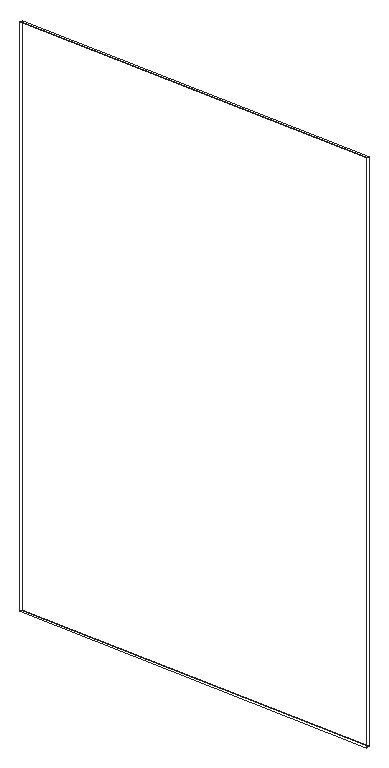
Revit family "Lunar-Single_Glazed_Panels", category Curtain Panels, Revit 2026
Family settings
  Classification Number = 23.25.20.14.11.11.17
  Always vertical = Yes
  Cut with Voids When Loaded = No
  Shared = No
Parameters (values of type "Lunar™ LCD Privacy Smart Glass - Single Glazed 9/16" Panel")
  Youtube clip = ""
  Width [instance] = 4' - 4 1/2"
  Weight Net (Kg) = "0"
  Uniformat II Description = "Partitions"
  Uniformat II Code = "C1010"
  Uniclass 2015 Name = "Framed partition systems"
  Uniclass 2015 Code = "Ss_25_10_30"
  Uniclass 2.0 Description = "Framed Partition Systems"
  Uniclass 2.0 Code = "SS-25-10-30"
  Uniclass 1.4 Description = "Partitions, non-structural internal walls"
  Uniclass 1.4 Code = "L384"
  URL = "https://www.avantisystemsusa.com"
  UNSPSC Code = ""
  Type Comments = ""
  Thickness = 0' - 0 9/16"
  Technical description = ""
  Region South America = "All"
  Region Oceania = "All"
  Region North America = "All"
  Region Middle East = "All"
  Region Europe = "All"
  Region Asia = "All"
  Region Antarctica = "All"
  Region Africa = "All"
  QR code = "http://bimobject.com/avantisystems/product/avanti-lunar-lcd-privacy-smart-glass"
  Product url = "https://www.avantisystemsusa.com/glass-products/partition-systems/lcd-privacy-glass/"
  Product group = "LCD Privacy Smart Glass"
  Product family = "Partition Systems"
  Product data url = "https://bimobject.com/avantisystems/product/avanti-lunar-lcd-privacy-smart-glass"
  Product certification = ""
  Product SKU = "avanti-lunar-lcd-privacy-smart-glass"
  Product Guid = "85a3f31c-26a6-4c7e-983f-18423418bcc4"
  Panel Width [instance] = if(Width > Maximum Width, Maximum Width, Width)  # 4' - 4 1/2"
  Panel Height [instance] = if(Height > Maximum Height, Maximum Height, Height)  # 6' - 8"
  OmniClass Description = "Demountable Partitions"
  OmniClass Code = "23-15 11 13"
  Nominal width = 0' - 0"
  Nominal height = 0' - 0"
  NBS Reference Description = ""
  NBS Reference Code = ""
  Model = "Lunar™ LCD Privacy Smart Glass - Single Glazed 9/16\" Panel"
  Maximum Width = 5' - 0"
  Maximum Height = 12' - 0"
  Material secondary = "Aluminium"
  Material main = "Glass"
  Masterformat 2014 Description = "Demountable Partitions"
  Masterformat 2014 Code = "10 22 19"
  Manufacturer name = "Avanti Systems"
  Manufacturer country = ""
  Manufacturer = "Avanti Systems USA"
  Installation instructions = ""
  Inset = 0' - 0"
  IFC Classification = ""
  Height [instance] = 6' - 8"
  Glazing Material = Glass - Avanti - Lunar™ Smart Glass Partition System
  Glass Marker = yes
  Edition number = 1
  EAN code = ""
  Design country = "United States"
  Description = "The system utilizes PDLC technology which allows completely transparent glass to transform to private in 1 milisecond."
  Date of publishing = ""
  COBIe Type Category = ""
  Brand url = "http://www.avantisystemsusa.com/"
  BIMobject main category code = "walls"
  BIMobject main category = "Walls"
  BIMobject category code = "walls-curtain"
  BIMobject category = "Curtain Walls"
  Assembly Code = ""
  Offset = 0' - 0 1/32"
  Panel Area [instance] = Panel Width * Panel Height  # 4200.00 in²
  Analytic Construction = "<None>"
Types (5): name | Thickness | Model
  Lunar™ LCD Privacy Smart Glass - Single Glazed 1/2" Panel | 0' - 0 1/2" | "Lunar™ LCD Privacy Smart Glass - Single Glazed 1/2\" Panel"
  Lunar™ LCD Privacy Smart Glass - Single Glazed 3/4" Panel | 0' - 0 3/4" | "Lunar™ LCD Privacy Smart Glass - Single Glazed 3/4\" Panel"
  Lunar™ LCD Privacy Smart Glass - Single Glazed 3/8" Panel | 0' - 0 3/8" | "Lunar™ LCD Privacy Smart Glass - Single Glazed 3/8\" Panel"
  Lunar™ LCD Privacy Smart Glass - Single Glazed 7/16" Panel | 0' - 0 7/16" | "Lunar™ LCD Privacy Smart Glass - Single Glazed 7/16\" Panel"
  Lunar™ LCD Privacy Smart Glass - Single Glazed 9/16" Panel | 0' - 0 9/16" | "Lunar™ LCD Privacy Smart Glass - Single Glazed 9/16\" Panel"
Reference planes (in)
  plane 1: y = -0.03065
  plane 2: z = 0
  plane 3 "Center (Left/Right)": x = 0
  plane 4 "Left": x = -26.25
  plane 5 "Right": x = 26.25
  plane 6 "Top": z = 80
  plane 7 "Panel Offset": y = 0.0006
  plane 8 "Glass Center E/I": y = 0.0006
  plane 9 "Glass Exterior": y = 0.28185
  plane 10 "Glass Interior": y = -0.28065
  plane 11 "Panel Left": x = -26.25
  plane 12 "Panel Right": x = 26.25
  plane 13: z = 80
Forms (in)
  Extrusion 1, solid, material "Glass - Avanti - Lunar™ Smart Glass Partition System" <- "Glazing Material"
    sketch origin (0, 8.99609, 0) x (1, 0, 0) y (0, 1, 0)
      loop
        line (-26.25, -8.71424) -> (-26.25, -9.27674) -> (26.25, -9.27674) -> (26.25, -8.71424) -> (-26.25, -8.71424)
    from 0 to 80
Lines and regions (in)
  symbolic lines, visible <- "Glass Marker"
    curve 1: line (-2.82843, -0.28123, 37.17157) -> (2.82843, -0.28123, 42.82843)
    curve 2: line (0, -0.28123, 38.15204) -> (1.84796, -0.28123, 40)
    curve 3: line (-1.84796, -0.28123, 40) -> (0, -0.28123, 41.84796)
  symbolic lines, not visible
    curve 4: line (-1.84796, 0.28127, 40) -> (1.84796, 0.28127, 40)
    curve 9: line (-1.84534, 0.28127, 22.66367) -> (1.85057, 0.28127, 22.66367)
  model lines, not visible
    curve 5: line (0, 0.28127, 38.15204) -> (0, 0.28127, 41.84796)
    curve 10: line (0.00262, 0.28127, 20.81572) -> (0.00262, 0.28127, 24.51163)
  symbolic lines, visible <- "Glass Marker", not visible
    curve 6: line (-2.82581, -0.28123, 19.83525) -> (2.83104, -0.28123, 25.4921)
    curve 7: line (0.00262, -0.28123, 20.81572) -> (1.85057, -0.28123, 22.66367)
    curve 8: line (-1.84534, -0.28123, 22.66367) -> (0.00262, -0.28123, 24.51163)
Text (in)
  text "Exterior" at (-52.30548, 24.87723, 0), in view "Base Line"
Dimensions and locks (in)
  equal spacing: plane 4 "Left", plane 3 "Center (Left/Right)", plane 5 "Right"
  "Width": plane 4 "Left" to plane 5 "Right"
  equal spacing: plane 9 "Glass Exterior", plane 8 "Glass Center E/I", plane 10 "Glass Interior"
  "Offset": plane 1 to plane 7 "Panel Offset"
  "Inset": plane 7 "Panel Offset" to plane 8 "Glass Center E/I"
  "Height": plane 6 "Top" to plane 2
  "Panel Height": plane 13 to plane 2
  equal spacing: plane 11 "Panel Left", plane 3 "Center (Left/Right)", plane 12 "Panel Right"
  "Panel Width": plane 11 "Panel Left" to plane 12 "Panel Right"
  "Thickness": plane 9 "Glass Exterior" to plane 10 "Glass Interior"
  equal spacing: Extrusion 1, curve 4, Extrusion 1
  equal spacing: Extrusion 1, curve 5, Extrusion 1
  aligned and locked: plane 11 "Panel Left" to Extrusion 1
  aligned and locked: Extrusion 1 to plane 12 "Panel Right"
  aligned and locked: plane 13 to Extrusion 1
  aligned and locked: plane 9 "Glass Exterior" to Extrusion 1
  aligned and locked: Extrusion 1 to plane 10 "Glass Interior"
Automatic sketch dimensions
  Extrusion 1 sketch curve to plane 4 "Left" = 0' - 0"
  Extrusion 1 sketch curve to plane 5 "Right" = 0' - 0"
  Extrusion 1 sketch curve to plane 9 "Glass Exterior" = 0' - 0"
  Extrusion 1 sketch curve to plane 10 "Glass Interior" = 0' - 0"
